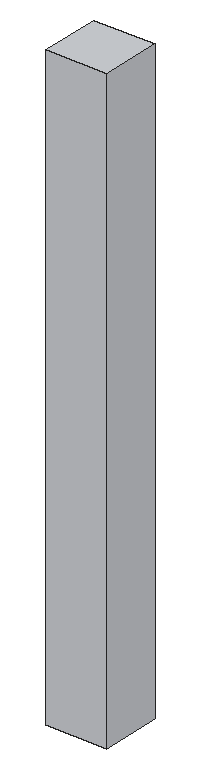
Revit family "KAR_5", category Generic Models, Revit 2019
Family settings
  Can host rebar = No
  Round Connector Dimension = Use Diameter
  Part Type = Normal
  Work Plane-Based = No
  Always vertical = Yes
  Cut with Voids When Loaded = No
  Shared = No
  Room Calculation Point = No
Parameters (values of type "5×5")
  c_lunghezza [instance] = 5 cm
  c_larghezza [instance] = 5 cm
  c_altezzaaterra [instance] = 100 cm
  c_altezza [instance] = 50 cm
Types (3, lengths in cm): name | c_lunghezza | c_larghezza
  (no name) | 5 | 5
  10CM×10CM | 10 | 10
  5×5 | 5 | 5
Reference planes (cm)
  plane 1 "Center (Front/Back)": y = 0
  plane 2: z = 0
  plane 3 "Center (Left/Right)": x = 0
  plane 4: y = 5
  plane 5: x = 5
  plane 6 "base": z = 100
  plane 7: z = 150
Forms (cm)
  Extrusion 1, solid
    sketch origin (0, 0, 100) x (-1, 0, 0) y (0, -1, 0)
      loop
        line (0, -5) -> (0, 0) -> (-5, 0) -> (-5, -5) -> (0, -5)
    from 0 to 50
Dimensions and locks (cm)
  "c_larghezza": plane 4 to plane 1 "Center (Front/Back)"
  "c_lunghezza": plane 3 "Center (Left/Right)" to plane 5
  "c_altezzaaterra": plane 6 "base" to level
  "c_altezza": plane 7 to plane 6 "base"
  aligned and locked: plane 2 to level
  aligned and locked: plane 4 to Extrusion 1
  aligned and locked: Extrusion 1 to plane 3 "Center (Left/Right)"
  aligned and locked: plane 1 "Center (Front/Back)" to Extrusion 1
  aligned and locked: plane 5 to Extrusion 1
  aligned and locked: plane 7 to Extrusion 1
Automatic sketch dimensions
  plane 5 to Extrusion 1 sketch curve = 0 cm
  Extrusion 1 sketch curve to plane 3 "Center (Left/Right)" = 0 cm
  plane 4 to Extrusion 1 sketch curve = 0 cm
  plane 1 "Center (Front/Back)" to Extrusion 1 sketch curve = 0 cm
